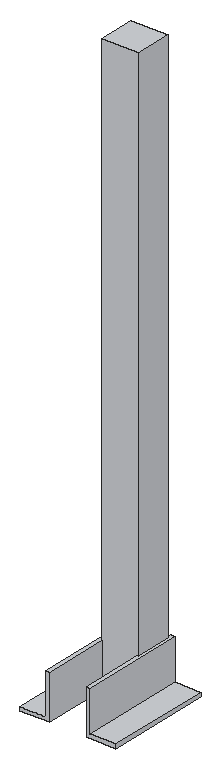
Revit family "Lift_Incline_Garaventa_X3-Tower", category Generic Models, Revit 2026
Family settings
  Can host rebar = No
  Round Connector Dimension = Use Diameter
  Part Type = Normal
  Classification Number = 23.50.05.14.14.11
  Work Plane-Based = Yes
  Always vertical = No
  Cut with Voids When Loaded = No
  Maintain Annotation Orientation = No
  Shared = No
  Room Calculation Point = No
Parameters (values of type "T Base")
  Warranty Duration (Years) = 0
  Unit Width = 0' - 2 1/2"
  Unit Height = 3' - 3 3/8"
  Unit Depth = 0' - 2 1/2"
  URL = "http://www.garaventalift.com/en.html"
  T Base = yes
  Specification = "http://www.arcat.com/sdspecs/htm04/14_42_13gar.htm"
  SpecWizard = "http://www.arcat.com/specwizard/14423gar/index04.htm"
  Send Message = ""
  Sales Information = "http://www.garaventalift.com/en/contact-us.html"
  Revision = "R1_2017-06"
  Product Properties = "http://www.garaventalift.com/en/products/wheelchair-lifts/inclined-platform-lifts/x3.html"
  Product Data = "http://www.arcat.com/arcatcos/cos32/arc32685.html"
  NR Base = no
  NL Base = no
  Model = "X3 T Tower Support"
  Manufacturer Website = "http://www.garaventalift.com/en.html"
  Manufacturer Phone - Toll Free = "800-663-6556"
  Manufacturer Phone = "604-594-0422"
  Manufacturer Fax = "604-594-9915"
  Manufacturer Address = "P. O. Box 1769  Blaine, WA  98231-1769"
  Manufacturer = "Garaventa Lift"
  Maintenance Schedule (Months) = 0
  M Base = no
  Keynote = "14 42 13"
  Installation-Fabrication = ""
  Installation Phase = ""
  Green Building-LEED = "http://www.arcat.com/green/clients/leed_data_32685.html"
  Fixture Finish [instance] = none
  Expected Lifespan (Years) = 0
  Drawn By = "Sumex Design, Inc. / Robert S. Weygant, CSI, CDT, SCIP"
  Description = "Garaventa Lift X3 Platform T Tower Support"
  Default Elevation = 0' - 0"
  Copyright = "©Arcat Inc."
  Construction Details = "http://www.arcat.com/details/garavent/garavent.html?coid=32685"
  Assembly Code = "D1010"
Types (4): name | T Base | NR Base | NL Base | Model | M Base | Description
  T Base | yes | no | no | "X3 T Tower Support" | no | "Garaventa Lift X3 Platform T Tower Support"
  NR Base | no | yes | no | "X3 NR Tower Support" | no | "Garaventa Lift X3 Platform NR Tower Support"
  NL Base | no | no | yes | "X3 NL Tower Support" | no | "Garaventa Lift X3 Platform NL Tower Support"
  M Base | no | no | no | "X3 M Tower Support" | yes | "Garaventa Lift X3 Platform M Tower Support"
Reference planes (in)
  plane 1 "Center (Front/Back)": y = 0
  plane 2 "Bottom": z = 0
  plane 3 "Center (Left/Right)": x = 0
  plane 4 "Front": y = -1.25
  plane 5 "Back": y = 1.25
  plane 6 "Left": x = -1.25
  plane 7 "Right": x = 1.25
  plane 8 "Top": z = 39.375
Forms (in)
  Extrusion 1, solid, material <- "Fixture Finish"
    sketch origin (0, 0, 0) x (1, 0, 0) y (0, 1, 0)
      loop
        line (-1.25, 1.25) -> (-1.25, -1.25) -> (1.25, -1.25) -> (1.25, 1.25) -> (-1.25, 1.25)
    from 0 to 39.375
  Extrusion 2, solid, material <- "Fixture Finish", visible <- "M Base"
    sketch origin (0, 0, 0) x (1, 0, 0) y (0, 1, 0)
      loop
        line (-3, 1.5) -> (-3, -1.5) -> (3, -1.5) -> (3, 1.5) -> (-3, 1.5)
    from 0 to 0.25
  Extrusion 3, solid, material <- "Fixture Finish", visible <- "NR Base"
    sketch origin (0, 0, 0) x (1, 0, 0) y (0, 1, 0)
      loop
        line (1.5, 1.5) -> (-4.5, 1.5) -> (-4.5, -1.5) -> (1.5, -1.5) -> (1.5, 1.5)
    from 0 to 0.25
  Extrusion 4, solid, material <- "Fixture Finish", visible <- "NL Base"
    sketch origin (0, 0, 0) x (-1, 0, 0) y (0, -1, 0)
      loop
        line (1.5, -1.5) -> (1.5, 1.5) -> (-4.5, 1.5) -> (-4.5, -1.5) -> (1.5, -1.5)
    from 0 to 0.25
  Extrusion 5, solid, material <- "Fixture Finish", visible <- "T Base"
    sketch origin (-11.94222, 1.25, 48) x (-1, 0, 0) y (0, 0, 1)
      loop
        line (-10.69222, -48) -> (-8.69222, -48) -> (-8.69222, -47.75) -> (-10.44222, -47.75) -> (-10.44222, -45) -> (-10.69222, -45) -> (-10.69222, -48)
      loop
        line (-13.19222, -48) -> (-13.19222, -45) -> (-13.44222, -45) -> (-13.44222, -47.75) -> (-15.19222, -47.75) -> (-15.19222, -48) -> (-13.19222, -48)
    from 0.25 to -6.875
Dimensions and locks (in)
  equal spacing: plane 6 "Left", plane 3 "Center (Left/Right)", plane 7 "Right"
  "Unit Width": plane 6 "Left" to plane 7 "Right"
  equal spacing: plane 5 "Back", plane 1 "Center (Front/Back)", plane 4 "Front"
  "Unit Width": plane 5 "Back" to plane 4 "Front"
  "Unit Height": plane 8 "Top" to level
  aligned and locked: plane 8 "Top" to Extrusion 1
Automatic sketch dimensions
  Extrusion 1 sketch curve to plane 4 "Front" = 0' - 0"
  Extrusion 1 sketch curve to plane 6 "Left" = 0' - 0"
  Extrusion 1 sketch curve to plane 7 "Right" = 0' - 0"
  Extrusion 1 sketch curve to plane 5 "Back" = 0' - 0"
  Extrusion 2 sketch curve to plane 4 "Front" = 0' - 0 1/4"
  Extrusion 2 sketch curve to plane 6 "Left" = 0' - 1 3/4"
  plane 5 "Back" to Extrusion 2 sketch curve = 0' - 0 1/4"
  plane 7 "Right" to Extrusion 2 sketch curve = 0' - 1 3/4"
  plane 5 "Back" to Extrusion 3 sketch curve = 0' - 0 1/4"
  Extrusion 3 sketch curve to plane 6 "Left" = 0' - 3 1/4"
  plane 7 "Right" to Extrusion 3 sketch curve = 0' - 0 1/4"
  Extrusion 3 sketch curve to plane 4 "Front" = 0' - 0 1/4"
  Extrusion 4 sketch curve to plane 5 "Back" = 0' - 0 1/4"
  Extrusion 4 sketch curve to plane 7 "Right" = 0' - 3 1/4"
  plane 6 "Left" to Extrusion 4 sketch curve = 0' - 0 1/4"
  plane 4 "Front" to Extrusion 4 sketch curve = 0' - 0 1/4"
  Extrusion 5 sketch curve to level = 0' - 0"  (x2)
  Extrusion 5 sketch curve to plane 7 "Right" = 0' - 0"
  Extrusion 5 sketch curve to plane 6 "Left" = 0' - 0"
  Extrusion 5 sketch curve to Extrusion 5 sketch curve = 0' - 0 1/4"
  level to Extrusion 5 sketch curve = 0' - 0 1/4"  (x2)
  Extrusion 5 sketch curve to Extrusion 5 sketch curve = 0' - 1 3/4"  (x2)
  Extrusion 5 sketch curve to plane 6 "Left" = 0' - 0 1/4"
  Extrusion 5 sketch curve to Extrusion 5 sketch curve = 0' - 2 3/4"
  Extrusion 5 sketch curve to Extrusion 5 sketch curve = 0' - 0"
